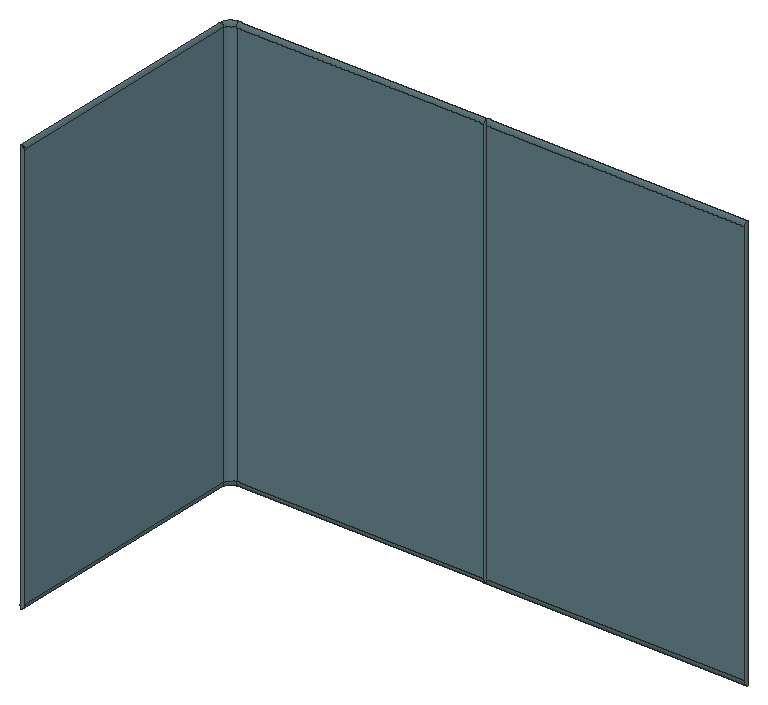
Revit family "FU_Panel_Sandler_Kern 1222PT", category Furniture, Revit 2022
Family settings
  OmniClass Number = 23.40.20.00
  OmniClass Title = General Furniture and Specialties
  Work Plane-Based = No
  Always vertical = Yes
  Cut with Voids When Loaded = No
  Render Appearance Source = Family Geometry
  Shared = No
  Room Calculation Point = No
Parameters (values of type "KERN 1222PTC")
  Width = 1366 mm
  URL = "https://www.sandlerseating.com/product/kern-1222pt/"
  Panel [instance] = Fabric - Mainline Flax - Pimlico MLF34
  Model = "KERN 1222PTC"
  Manufacturer = "Sandler"
  Description = "Privacy screen for two-seat corner Kern modules with right-side backrest."
  Default Elevation = 0 mm
Reference planes
  plane 1 "Center (Front/Back)": y = 0
  plane 2: z = 0
  plane 3 "Center (Left/Right)": x = 0
  plane 4 "Right": x = -683
  plane 5 "Left": x = 683
  plane 6 "Panel Front": y = 366.5
  plane 7 "Panel Back": y = 377.5
  plane 8 "Panel Elevation": z = 170
  plane 9 "Height": z = 1260
  plane 10 "Front": y = -307.5
Forms (mm)
  Sweep 1, void
    path origin (0, 0, 0) x (0, -1, 0) y (0, 0, -1)
      loop
        line (-372, -160) -> (-372, -1295)
    profile "Pro_edgeCut_6mm_alt : Pro_edgeCut_6mm_alt" origin (0, 372, 727.5) x (0, -1, 0) y (1, 0, 0)
      loop
        arc (-5.939, -5.172) -> (0, 0) -> (5.945, -5.164) r 6
        arc (5.945, -5.164) -> (6.27, -5.762) -> (6.907, -6) r 0.971
        line (6.907, -6) -> (10.004, -6) -> (10.004, 2.035) -> (-9.996, 2.035) -> (-9.996, -6) -> (-6.89, -6)
        arc (-6.89, -6) -> (-6.26, -5.764) -> (-5.939, -5.172) r 0.961
  Sweep 2, solid, material "Fabric - Mainline Flax - Pimlico MLF34" <- "Panel"
    path origin (0, 0, 170) x (-1, 0, 0) y (0, -1, 0)
      loop
        line (0, -372) -> (651.498, -372)
        arc (651.498, -372) -> (669.882, -364.385) -> (677.498, -346) r 26
        line (677.498, -346) -> (677.498, 307.5)
    profile "Pro_Kern_Panel : Pro_Kern_Panel" origin (-325.749, 372, 170) x (0, -1, 0) y (0, 0, 1)
      loop
        line (-5.5, 1079) -> (-5.5, 11)
        spline (-5.5, 11) -> (-5.313, 8.153) -> (-4.763, 5.5) -> (-3.889, 3.222) -> (-2.75, 1.474) -> (-1.424, 0.375) -> (0, 0) -> (1.424, 0.375) -> (2.75, 1.474) -> (3.889, 3.222) -> (4.763, 5.5) -> (5.313, 8.153) -> (5.5, 11)
        line (5.5, 11) -> (5.5, 1079)
        spline (5.5, 1079) -> (5.313, 1081.847) -> (4.763, 1084.5) -> (3.889, 1086.778) -> (2.75, 1088.526) -> (1.424, 1089.625) -> (0, 1090) -> (-1.424, 1089.625) -> (-2.75, 1088.526) -> (-3.889, 1086.778) -> (-4.763, 1084.5) -> (-5.313, 1081.847) -> (-5.5, 1079)
  Sweep 3, void
    path origin (0, -307.5, 0) x (-1, 0, 0) y (0, 0, 1)
      loop
        line (677.499, 163.754) -> (677.499, 1273.754)
    profile "Pro_edgeCut_6mm_alt : Pro_edgeCut_6mm_alt" origin (-677.499, -307.5, 718.754) x (1, 0, 0) y (0, 1, 0)
      loop
        arc (-5.939, 5.172) -> (-6.26, 5.764) -> (-6.89, 6) r 0.961
        line (-6.89, 6) -> (-9.996, 6) -> (-9.996, -2.035) -> (10.004, -2.035) -> (10.004, 6) -> (6.907, 6)
        arc (6.907, 6) -> (6.27, 5.762) -> (5.945, 5.164) r 0.971
        arc (5.945, 5.164) -> (0, 0) -> (-5.939, 5.172) r 6
  Sweep 4, solid, material "Fabric - Mainline Flax - Pimlico MLF34" <- "Panel"
    path origin (0, 0, 170) x (-1, 0, 0) y (0, -1, 0)
      loop
        line (0, -371.992) -> (-683, -371.992)
    profile "Pro_Kern_Panel : Pro_Kern_Panel" origin (341.5, 371.992, 170) x (0, 1, 0) y (0, 0, 1)
      loop
        line (-5.5, 1079) -> (-5.5, 11)
        spline (-5.5, 11) -> (-5.313, 8.153) -> (-4.763, 5.5) -> (-3.889, 3.222) -> (-2.75, 1.474) -> (-1.424, 0.375) -> (0, 0) -> (1.424, 0.375) -> (2.75, 1.474) -> (3.889, 3.222) -> (4.763, 5.5) -> (5.313, 8.153) -> (5.5, 11)
        line (5.5, 11) -> (5.5, 1079)
        spline (5.5, 1079) -> (5.313, 1081.847) -> (4.763, 1084.5) -> (3.889, 1086.778) -> (2.75, 1088.526) -> (1.424, 1089.625) -> (0, 1090) -> (-1.424, 1089.625) -> (-2.75, 1088.526) -> (-3.889, 1086.778) -> (-4.763, 1084.5) -> (-5.313, 1081.847) -> (-5.5, 1079)
  Sweep 5, void
    path origin (0, 0, 0) x (0, -1, 0) y (0, 0, 1)
      loop
        line (-372, 160) -> (-372, 1295)
    profile "Pro_edgeCut_6mm_alt : Pro_edgeCut_6mm_alt" origin (0, 372, 727.5) x (0, 1, 0) y (-1, 0, 0)
      loop
        arc (-5.939, -5.172) -> (0, 0) -> (5.945, -5.164) r 6
        arc (5.945, -5.164) -> (6.27, -5.762) -> (6.907, -6) r 0.971
        line (6.907, -6) -> (10.004, -6) -> (10.004, 2.035) -> (-9.996, 2.035) -> (-9.996, -6) -> (-6.89, -6)
        arc (-6.89, -6) -> (-6.26, -5.764) -> (-5.939, -5.172) r 0.961
  Sweep 6, void
    path origin (683, 0, 0) x (0, -1, 0) y (0, 0, -1)
      loop
        line (-372, -160) -> (-372, -1295)
    profile "Pro_edgeCut_6mm_alt : Pro_edgeCut_6mm_alt" origin (683, 372, 727.5) x (0, -1, 0) y (1, 0, 0)
      loop
        arc (-5.939, -5.172) -> (0, 0) -> (5.945, -5.164) r 6
        arc (5.945, -5.164) -> (6.27, -5.762) -> (6.907, -6) r 0.971
        line (6.907, -6) -> (10.004, -6) -> (10.004, 2.035) -> (-9.996, 2.035) -> (-9.996, -6) -> (-6.89, -6)
        arc (-6.89, -6) -> (-6.26, -5.764) -> (-5.939, -5.172) r 0.961
Cuts and joins
  Sweep 1, Sweep 3, Sweep 6 cuts Sweep 2
  Sweep 5, Sweep 6 cuts Sweep 4
Dimensions and locks
  equal spacing: plane 4 "Right", plane 3 "Center (Left/Right)", plane 5 "Left"
  "Width": plane 4 "Right" to plane 5 "Left"
  plane 1 "Center (Front/Back)" to plane 7 "Panel Back" = 377.5 mm
  locked: plane 7 "Panel Back" to plane 6 "Panel Front" at 11
  aligned and locked: level to plane 2
Automatic sketch dimensions
  plane 6 "Panel Front" to Sweep 1 sketch curve = 5.5 mm
  plane 9 "Height" to Sweep 1 sketch curve = 35 mm
  Sweep 1 sketch curve to plane 8 "Panel Elevation" = 10 mm
  Sweep 2 sketch curve to plane 3 "Center (Left/Right)" = 0 mm
  Sweep 2 sketch curve to plane 10 "Front" = 0 mm
  Sweep 2 sketch curve to plane 4 "Right" = 31.502 mm
  Sweep 2 sketch curve to plane 4 "Right" = 5.502 mm
  Sweep 2 sketch curve to plane 6 "Panel Front" = 20.5 mm
  Sweep 3 sketch curve to plane 4 "Right" = 5.501 mm
  Sweep 3 sketch curve to plane 8 "Panel Elevation" = 6.246 mm
  plane 9 "Height" to Sweep 3 sketch curve = 13.754 mm
  Sweep 4 sketch curve to plane 5 "Left" = 0 mm
  Sweep 4 sketch curve to plane 3 "Center (Left/Right)" = 0 mm
  plane 6 "Panel Front" to Sweep 4 sketch curve = 5.492 mm
  plane 6 "Panel Front" to Sweep 5 sketch curve = 5.5 mm
  Sweep 5 sketch curve to plane 8 "Panel Elevation" = 10 mm
  plane 9 "Height" to Sweep 5 sketch curve = 35 mm
  plane 6 "Panel Front" to Sweep 6 sketch curve = 5.5 mm
  plane 9 "Height" to Sweep 6 sketch curve = 35 mm
  Sweep 6 sketch curve to plane 8 "Panel Elevation" = 10 mm
